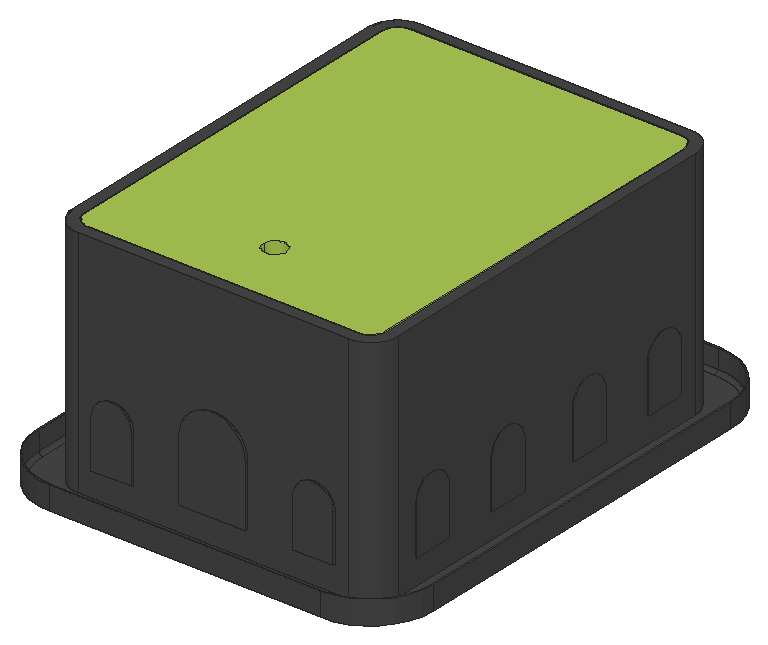
Revit family "VB Series Valves Boxes -  Standard Valve Box", category Acessórios do tubo, Revit 2020
Family settings
  Cota do conector redondo = Utilizar diâmetro
  Tipo de parte = Normal
  Número OmniClass = 23.60.00.00
  Título OmniClass = General Purpose: Services
  Com base no plano de trabalho = Não
  Sempre na vertical = Sim
  Corte com vazios quando carregada = Não
  Compartilhado = Não
Parameters (values of type "Standard Valve Box")
  x = 7 cm
  Door 9 [instance] = yes
  Door 8 [instance] = yes
  Door 7 [instance] = yes
  Door 6 [instance] = yes
  Door 5 [instance] = yes
  Door 4 [instance] = yes
  Door 3 [instance] = yes
  Door 2 [instance] = yes
  Door 14 [instance] = yes
  Door 13 [instance] = yes
  Door 12 [instance] = yes
  Door 11 [instance] = yes
  Door 10 [instance] = yes
  Door 1 [instance] = yes
  DDT4 = 0.1 cm
  URL = "https://www.rainbird.com/"
  Width = 42.22 cm
  SupportProjetos: Reviw Date = ""  # constant formula
  SupportProjetos: Reviw = "R00"  # constant formula
  SupportProjetos: Level of Detail = "LOD300"  # constant formula
  SupportProjetos: Developed = "MICHEL SOARES MOTA"  # constant formula
  SupportProjetos: Creation Date = "05/09/2020"  # constant formula
  RainBird: Product Link = "https://www.rainbird.com/"
  RainBird: Description = "VB Series Valves Boxes - Standard Valve Box"
  RainBird: Comment = ""
  RainBird: Code = "A11403"  # constant formula
  R = 3.5 cm
  Plastic 2 = Green 2
  Plastic 1 = Black
  Open/Close Box [instance] = yes
  Modelo = "VBSTDB"
  Height = 30.5 cm
  Elevação padrão = 0 cm
  Descrição = RainBird: Description  # "VB Series Valves Boxes - Standard Valve Box"
  DDT8 = 3 cm
  DDT7 = 4 cm
  DDT6 = 1.5 cm
  DDT5 = 2 cm
  DDT3 = Length / 2  # 27.7 cm
  DDT2 = Width / 2  # 21.11 cm
  DDT1 = 0.1 cm
  Length = 55.4 cm
Reference planes (cm)
  plane 1 "Centro (Frente/Trás)": y = 0
  plane 2: z = 0
  plane 3 "Centro (Esquerda/Direita)": x = 0
Forms (cm)
  Sweep 1, solid, material "Black" <- "Plastic 1"
    path origin (0, 0, 0) x (1, 0, 0) y (0, 1, 0)
      loop
        arc (-17.61, 27.7) -> (-20.0849, 26.6749) -> (-21.11, 24.2) r 3.5
        line (-21.11, 24.2) -> (-21.11, -24.2)
        arc (-21.11, -24.2) -> (-20.0849, -26.6749) -> (-17.61, -27.7) r 3.5
        line (-17.61, -27.7) -> (17.61, -27.7)
        arc (17.61, -27.7) -> (20.0849, -26.6749) -> (21.11, -24.2) r 3.5
        line (21.11, -24.2) -> (21.11, 24.2)
        arc (21.11, 24.2) -> (20.0849, 26.6749) -> (17.61, 27.7) r 3.5
        line (17.61, 27.7) -> (-17.61, 27.7)
    profile origin (0, 27.7, 0) x (0, 1, 0) y (0, 0, 1)
      loop
        line (4.7, -30.5) -> (4.7, -27.4) -> (4.6, -27.4) -> (4.6, -29.9)
        arc (4.6, -29.9) -> (4.4536, -30.2536) -> (4.1, -30.4) r 0.5
        line (4.1, -30.4) -> (0.1, -30.4) -> (0.1, 0) -> (-1.4, 0) -> (-1.4, -0.1) -> (0, -0.1) -> (0, -30.5) -> (4.7, -30.5)
  Extrusion 2, solid, material "Green 2" <- "Plastic 2", visible <- "Open/Close Box"
    sketch origin (0, 0, 0) x (1, 0, 0) y (0, 1, 0)
      loop
        arc (-19.61, -24.106) -> (-18.9967, -25.5867) -> (-17.516, -26.2) r 2.094
        line (-17.516, -26.2) -> (17.5998, -26.2)
        arc (17.5998, -26.2) -> (19.0212, -25.6112) -> (19.61, -24.1898) r 2.0102
        line (19.61, -24.1898) -> (19.61, 24.1039)
        arc (19.61, 24.1039) -> (18.9961, 25.5861) -> (17.5139, 26.2) r 2.0961
        line (17.5139, 26.2) -> (-17.4824, 26.2)
        arc (-17.4824, 26.2) -> (-18.9868, 25.5768) -> (-19.61, 24.0724) r 2.1276
        line (-19.61, 24.0724) -> (-19.61, -24.106)
    from -2 to 0
  Extrusion 3, void
    sketch origin (0.1435, 0, -2) x (1, 0, 0) y (0, 0, 1)
      loop
        line (-4.5, -24.9953) -> (4.213, -24.9953) -> (4.213, -16.9953)
        arc (4.213, -16.9953) -> (-0.1435, -12.6388) -> (-4.5, -16.9953) r 4.3565
        line (-4.5, -16.9953) -> (-4.5, -24.9953)
    from -30.3996 to 30.0568
  Extrusion 4, void
    sketch origin (-0.0323, -4.1371, 0) x (1, 0, 0) y (0, 1, 0)
      loop
        circle (0, -13.6318) r 1.5
    from -2 to 0
  Extrusion 5, void
    sketch origin (12.6435, 0, -2) x (1, 0, 0) y (0, 0, 1)
      loop
        line (-2.1435, -24.9953) -> (3.1274, -24.9953) -> (3.1274, -18.778)
        arc (3.1274, -18.778) -> (0.4919, -16.1425) -> (-2.1435, -18.778) r 2.6354
        line (-2.1435, -18.778) -> (-2.1435, -24.9953)
    from -30.3996 to 30.0568
  Extrusion 6, void
    sketch origin (-12.6435, 0, -2) x (-1, 0, 0) y (0, 0, -1)
      loop
        line (-2.1435, 24.9953) -> (-2.1435, 18.778)
        arc (-2.1435, 18.778) -> (0.4919, 16.1425) -> (3.1274, 18.778) r 2.6354
        line (3.1274, 18.778) -> (3.1274, 24.9953) -> (-2.1435, 24.9953)
    from -29.7008 to 30.0568
  Extrusion 7, void
    sketch origin (12.9396, -19.3565, -2) x (0, 1, 0) y (0, 0, 1)
      loop
        line (-2.1435, -24.9953) -> (3.1274, -24.9953) -> (3.1274, -18.778)
        arc (3.1274, -18.778) -> (0.4919, -16.1425) -> (-2.1435, -18.778) r 2.6354
        line (-2.1435, -18.778) -> (-2.1435, -24.9953)
    from -36.4435 to 10.0061
  Extrusion 8, void
    sketch origin (12.9396, -7.1065, -2) x (0, 1, 0) y (0, 0, 1)
      loop
        line (-2.1435, -24.9953) -> (3.1274, -24.9953) -> (3.1274, -18.778)
        arc (3.1274, -18.778) -> (0.4919, -16.1425) -> (-2.1435, -18.778) r 2.6354
        line (-2.1435, -18.778) -> (-2.1435, -24.9953)
    from -36.4435 to 10.0061
  Extrusion 9, void
    sketch origin (12.9396, 19.3565, -2) x (0, -1, 0) y (0, 0, -1)
      loop
        line (-2.1435, 24.9953) -> (-2.1435, 18.778)
        arc (-2.1435, 18.778) -> (0.4919, 16.1425) -> (3.1274, 18.778) r 2.6354
        line (3.1274, 18.778) -> (3.1274, 24.9953) -> (-2.1435, 24.9953)
    from -36.4435 to 10.0061
  Extrusion 10, void
    sketch origin (12.9396, 7.1065, -2) x (0, -1, 0) y (0, 0, -1)
      loop
        line (-2.1435, 24.9953) -> (-2.1435, 18.778)
        arc (-2.1435, 18.778) -> (0.4919, 16.1425) -> (3.1274, 18.778) r 2.6354
        line (3.1274, 18.778) -> (3.1274, 24.9953) -> (-2.1435, 24.9953)
    from -36.4435 to 10.0061
  Extrusion 11, solid, material "Black" <- "Plastic 1", visible <- "Door 1"
    sketch origin (0, 0, 1.5) x (1, 0, 0) y (0, 0, 1)
      loop
        line (-15.7708, -28.4953) -> (-10.5, -28.4953) -> (-10.5, -22.278)
        arc (-10.5, -22.278) -> (-13.1354, -19.6425) -> (-15.7708, -22.278) r 2.6354
        line (-15.7708, -22.278) -> (-15.7708, -28.4953)
    from 27.7 to 28.0358
  Extrusion 12, solid, material "Black" <- "Plastic 1", visible <- "Door 3"
    sketch origin (26.2708, 0, 1.5) x (1, 0, 0) y (0, 0, 1)
      loop
        line (-15.7708, -28.4953) -> (-10.5, -28.4953) -> (-10.5, -22.278)
        arc (-10.5, -22.278) -> (-13.1354, -19.6425) -> (-15.7708, -22.278) r 2.6354
        line (-15.7708, -22.278) -> (-15.7708, -28.4953)
    from 27.7 to 28.0358
  Extrusion 13, solid, material "Black" <- "Plastic 1", visible <- "Door 10"
    sketch origin (0, 0, 1.5) x (1, 0, 0) y (0, 0, -1)
      loop
        line (-15.7708, 28.4953) -> (-15.7708, 22.278)
        arc (-15.7708, 22.278) -> (-13.1354, 19.6425) -> (-10.5, 22.278) r 2.6354
        line (-10.5, 22.278) -> (-10.5, 28.4953) -> (-15.7708, 28.4953)
    from 27.7 to 28.0358
  Extrusion 14, solid, material "Black" <- "Plastic 1", visible <- "Door 8"
    sketch origin (26.2708, 0, 1.5) x (1, 0, 0) y (0, 0, -1)
      loop
        line (-15.7708, 28.4953) -> (-15.7708, 22.278)
        arc (-15.7708, 22.278) -> (-13.1354, 19.6425) -> (-10.5, 22.278) r 2.6354
        line (-10.5, 22.278) -> (-10.5, 28.4953) -> (-15.7708, 28.4953)
    from 27.7 to 28.0358
  Extrusion 15, solid, material "Black" <- "Plastic 1", visible <- "Door 2"
    sketch origin (0, 0, 1.5) x (1, 0, 0) y (0, 0, 1)
      loop
        arc (4.3565, -20.4953) -> (0, -16.1388) -> (-4.3565, -20.4953) r 4.3565
        line (-4.3565, -20.4953) -> (-4.3565, -28.4953) -> (4.3565, -28.4953) -> (4.3565, -20.4953)
    from 27.7 to 28.0358
  Extrusion 16, solid, material "Black" <- "Plastic 1", visible <- "Door 9"
    sketch origin (0, 0, 1.5) x (1, 0, 0) y (0, 0, -1)
      loop
        line (4.3565, 20.4953) -> (4.3565, 28.4953) -> (-4.3565, 28.4953) -> (-4.3565, 20.4953)
        arc (-4.3565, 20.4953) -> (0, 16.1388) -> (4.3565, 20.4953) r 4.3565
    from 27.7 to 28.0358
  Extrusion 17, solid, material "Black" <- "Plastic 1", visible <- "Door 7"
    sketch origin (-6.59, 32, 1.5) x (0, 1, 0) y (0, 0, 1)
      loop
        line (-15.7708, -28.4953) -> (-10.5, -28.4953) -> (-10.5, -22.278)
        arc (-10.5, -22.278) -> (-13.1354, -19.6425) -> (-15.7708, -22.278) r 2.6354
        line (-15.7708, -22.278) -> (-15.7708, -28.4953)
    from 27.7 to 28.0358
  Extrusion 18, solid, material "Black" <- "Plastic 1", visible <- "Door 6"
    sketch origin (-6.59, 19.75, 1.5) x (0, 1, 0) y (0, 0, 1)
      loop
        line (-15.7708, -28.4953) -> (-10.5, -28.4953) -> (-10.5, -22.278)
        arc (-10.5, -22.278) -> (-13.1354, -19.6425) -> (-15.7708, -22.278) r 2.6354
        line (-15.7708, -22.278) -> (-15.7708, -28.4953)
    from 27.7 to 28.0358
  Extrusion 19, solid, material "Black" <- "Plastic 1", visible <- "Door 5"
    sketch origin (-6.59, 6.5208, 1.5) x (0, 1, 0) y (0, 0, 1)
      loop
        line (-15.7708, -28.4953) -> (-10.5, -28.4953) -> (-10.5, -22.278)
        arc (-10.5, -22.278) -> (-13.1354, -19.6425) -> (-15.7708, -22.278) r 2.6354
        line (-15.7708, -22.278) -> (-15.7708, -28.4953)
    from 27.7 to 28.0358
  Extrusion 20, solid, material "Black" <- "Plastic 1", visible <- "Door 4"
    sketch origin (-6.59, -5.7292, 1.5) x (0, 1, 0) y (0, 0, 1)
      loop
        line (-15.7708, -28.4953) -> (-10.5, -28.4953) -> (-10.5, -22.278)
        arc (-10.5, -22.278) -> (-13.1354, -19.6425) -> (-15.7708, -22.278) r 2.6354
        line (-15.7708, -22.278) -> (-15.7708, -28.4953)
    from 27.7 to 28.0358
  Extrusion 21, solid, material "Black" <- "Plastic 1", visible <- "Door 11"
    sketch origin (6.59, 32, 1.5) x (0, 1, 0) y (0, 0, -1)
      loop
        line (-15.7708, 28.4953) -> (-15.7708, 22.278)
        arc (-15.7708, 22.278) -> (-13.1354, 19.6425) -> (-10.5, 22.278) r 2.6354
        line (-10.5, 22.278) -> (-10.5, 28.4953) -> (-15.7708, 28.4953)
    from 27.7 to 28.0358
  Extrusion 22, solid, material "Black" <- "Plastic 1", visible <- "Door 12"
    sketch origin (6.59, 19.75, 1.5) x (0, 1, 0) y (0, 0, -1)
      loop
        line (-15.7708, 28.4953) -> (-15.7708, 22.278)
        arc (-15.7708, 22.278) -> (-13.1354, 19.6425) -> (-10.5, 22.278) r 2.6354
        line (-10.5, 22.278) -> (-10.5, 28.4953) -> (-15.7708, 28.4953)
    from 27.7 to 28.0358
  Extrusion 23, solid, material "Black" <- "Plastic 1", visible <- "Door 13"
    sketch origin (6.59, 6.5208, 1.5) x (0, 1, 0) y (0, 0, -1)
      loop
        line (-15.7708, 28.4953) -> (-15.7708, 22.278)
        arc (-15.7708, 22.278) -> (-13.1354, 19.6425) -> (-10.5, 22.278) r 2.6354
        line (-10.5, 22.278) -> (-10.5, 28.4953) -> (-15.7708, 28.4953)
    from 27.7 to 28.0358
  Extrusion 24, solid, material "Black" <- "Plastic 1", visible <- "Door 14"
    sketch origin (6.59, -5.7292, 1.5) x (0, 1, 0) y (0, 0, -1)
      loop
        line (-15.7708, 28.4953) -> (-15.7708, 22.278)
        arc (-15.7708, 22.278) -> (-13.1354, 19.6425) -> (-10.5, 22.278) r 2.6354
        line (-10.5, 22.278) -> (-10.5, 28.4953) -> (-15.7708, 28.4953)
    from 27.7 to 28.0358
Cuts and joins
  Extrusion 3, Extrusion 5, Extrusion 6, Extrusion 7, Extrusion 8, Extrusion 9, Extrusion 10 cuts Sweep 1
  Extrusion 4 cuts Extrusion 2
Dimensions and locks (cm)
  equal spacing: Sweep 1 sketch curve, plane 3 "Centro (Esquerda/Direita)", Sweep 1 sketch curve
  equal spacing: Sweep 1 sketch curve, plane 1 "Centro (Frente/Trás)", Sweep 1 sketch curve
  "Length": Sweep 1 sketch curve to Sweep 1 sketch curve
  "Width": Sweep 1 sketch curve to Sweep 1 sketch curve
  "DDT3": plane 1 "Centro (Frente/Trás)" to Sweep 1 sketch curve
  "Height": level to Sweep 1 sketch curve
  "DDT5": level to Extrusion 2
  "DDT6": Sweep 1 sketch curve to Sweep 1 sketch curve
  "DDT1": Sweep 1 sketch curve to Sweep 1 sketch curve  (x4)
  "DDT4": Sweep 1 to Extrusion 2 sketch curve
  "DDT4": Extrusion 2 sketch curve to Sweep 1  (x3)
  "DDT8": Sweep 1 sketch curve to Sweep 1 sketch curve
  "DDT7": Sweep 1 sketch curve to Sweep 1 sketch curve
  cut or joined group of Extrusion 2, Extrusion 4 to cut or joined group of Extrusion 2, Extrusion 4 = 39.22 cm
  cut or joined group of Extrusion 2, Extrusion 4 to cut or joined group of Extrusion 2, Extrusion 4 = 52.4 cm
  "R": radius of Sweep 1 sketch curve  (x4)
  aligned and locked: level to plane 2
  aligned and locked: level to Extrusion 2
  aligned and locked: Extrusion 2 to Extrusion 4  (x2)
Automatic sketch dimensions
  Extrusion 2 sketch curve to Extrusion 2 sketch curve = 2.094 cm
  Extrusion 2 sketch curve to Extrusion 2 sketch curve = 2.1276 cm
  Extrusion 2 sketch curve to Extrusion 2 sketch curve = 2.0961 cm
  Extrusion 2 sketch curve to Extrusion 2 sketch curve = 2.0102 cm
  Extrusion 3 sketch curve to plane 3 "Centro (Esquerda/Direita)" = 0 cm
  Extrusion 3 sketch curve to plane 3 "Centro (Esquerda/Direita)" = 4.3565 cm
  Extrusion 3 sketch curve to level = 26.9953 cm
  Extrusion 3 sketch curve to Extrusion 3 sketch curve = 8 cm
  Extrusion 4 sketch curve to plane 3 "Centro (Esquerda/Direita)" = 0.0323 cm
  plane 1 "Centro (Frente/Trás)" to Extrusion 4 sketch curve = 17.7689 cm
  plane 3 "Centro (Esquerda/Direita)" to Extrusion 5 sketch curve = 10.5 cm
  Extrusion 5 sketch curve to Extrusion 5 sketch curve = 2.6354 cm
  Extrusion 5 sketch curve to level = 26.9953 cm
  Extrusion 5 sketch curve to Extrusion 5 sketch curve = 6.2174 cm
  plane 3 "Centro (Esquerda/Direita)" to Extrusion 6 sketch curve = 10.5 cm
  Extrusion 6 sketch curve to Extrusion 6 sketch curve = 2.6354 cm
  level to Extrusion 6 sketch curve = 26.9953 cm
  Extrusion 6 sketch curve to Extrusion 6 sketch curve = 6.2174 cm
  plane 1 "Centro (Frente/Trás)" to Extrusion 7 sketch curve = 21.5 cm
  Extrusion 7 sketch curve to Extrusion 7 sketch curve = 2.6354 cm
  Extrusion 7 sketch curve to level = 26.9953 cm
  Extrusion 7 sketch curve to Extrusion 7 sketch curve = 6.2174 cm
  plane 1 "Centro (Frente/Trás)" to Extrusion 8 sketch curve = 9.25 cm
  Extrusion 8 sketch curve to Extrusion 8 sketch curve = 2.6354 cm
  Extrusion 8 sketch curve to level = 26.9953 cm
  Extrusion 8 sketch curve to Extrusion 8 sketch curve = 6.2174 cm
  Extrusion 9 sketch curve to plane 1 "Centro (Frente/Trás)" = 21.5 cm
  Extrusion 9 sketch curve to Extrusion 9 sketch curve = 2.6354 cm
  Extrusion 9 sketch curve to level = 20.778 cm
  Extrusion 9 sketch curve to Extrusion 9 sketch curve = 6.2174 cm
  Extrusion 10 sketch curve to plane 1 "Centro (Frente/Trás)" = 9.25 cm
  Extrusion 10 sketch curve to Extrusion 10 sketch curve = 2.6354 cm
  Extrusion 10 sketch curve to level = 20.778 cm
  Extrusion 10 sketch curve to Extrusion 10 sketch curve = 6.2174 cm
  Extrusion 11 sketch curve to plane 3 "Centro (Esquerda/Direita)" = 15.7708 cm
  Extrusion 11 sketch curve to Extrusion 11 sketch curve = 2.6354 cm
  Extrusion 11 sketch curve to level = 26.9953 cm
  Extrusion 11 sketch curve to Extrusion 11 sketch curve = 6.2174 cm
  plane 3 "Centro (Esquerda/Direita)" to Extrusion 12 sketch curve = 10.5 cm
  Extrusion 12 sketch curve to Extrusion 12 sketch curve = 2.6354 cm
  Extrusion 12 sketch curve to level = 26.9953 cm
  Extrusion 12 sketch curve to Extrusion 12 sketch curve = 6.2174 cm
  Extrusion 13 sketch curve to plane 3 "Centro (Esquerda/Direita)" = 15.7708 cm
  Extrusion 13 sketch curve to Extrusion 13 sketch curve = 2.6354 cm
  Extrusion 13 sketch curve to level = 20.778 cm
  Extrusion 13 sketch curve to Extrusion 13 sketch curve = 6.2174 cm
  plane 3 "Centro (Esquerda/Direita)" to Extrusion 14 sketch curve = 10.5 cm
  Extrusion 14 sketch curve to Extrusion 14 sketch curve = 2.6354 cm
  Extrusion 14 sketch curve to level = 20.778 cm
  Extrusion 14 sketch curve to Extrusion 14 sketch curve = 6.2174 cm
  Extrusion 15 sketch curve to plane 3 "Centro (Esquerda/Direita)" = 0 cm
  Extrusion 15 sketch curve to plane 3 "Centro (Esquerda/Direita)" = 4.3565 cm
  Extrusion 15 sketch curve to level = 26.9953 cm
  Extrusion 15 sketch curve to Extrusion 15 sketch curve = 8 cm
  Extrusion 16 sketch curve to plane 3 "Centro (Esquerda/Direita)" = 0 cm
  Extrusion 16 sketch curve to plane 3 "Centro (Esquerda/Direita)" = 4.3565 cm
  Extrusion 16 sketch curve to level = 18.9953 cm
  Extrusion 16 sketch curve to Extrusion 16 sketch curve = 8 cm
  Extrusion 17 sketch curve to plane 1 "Centro (Frente/Trás)" = 16.2292 cm
  Extrusion 17 sketch curve to Extrusion 17 sketch curve = 2.6354 cm
  Extrusion 17 sketch curve to level = 26.9953 cm
  Extrusion 17 sketch curve to Extrusion 17 sketch curve = 6.2174 cm
  Extrusion 18 sketch curve to plane 1 "Centro (Frente/Trás)" = 3.9792 cm
  Extrusion 18 sketch curve to Extrusion 18 sketch curve = 2.6354 cm
  Extrusion 18 sketch curve to level = 26.9953 cm
  Extrusion 18 sketch curve to Extrusion 18 sketch curve = 6.2174 cm
  plane 1 "Centro (Frente/Trás)" to Extrusion 19 sketch curve = 9.25 cm
  Extrusion 19 sketch curve to Extrusion 19 sketch curve = 2.6354 cm
  Extrusion 19 sketch curve to level = 26.9953 cm
  Extrusion 19 sketch curve to Extrusion 19 sketch curve = 6.2174 cm
  plane 1 "Centro (Frente/Trás)" to Extrusion 20 sketch curve = 21.5 cm
  Extrusion 20 sketch curve to Extrusion 20 sketch curve = 2.6354 cm
  Extrusion 20 sketch curve to level = 26.9953 cm
  Extrusion 20 sketch curve to Extrusion 20 sketch curve = 6.2174 cm
  Extrusion 21 sketch curve to plane 1 "Centro (Frente/Trás)" = 16.2292 cm
  Extrusion 21 sketch curve to Extrusion 21 sketch curve = 2.6354 cm
  Extrusion 21 sketch curve to level = 20.778 cm
  Extrusion 21 sketch curve to Extrusion 21 sketch curve = 6.2174 cm
  Extrusion 22 sketch curve to plane 1 "Centro (Frente/Trás)" = 3.9792 cm
  Extrusion 22 sketch curve to Extrusion 22 sketch curve = 2.6354 cm
  Extrusion 22 sketch curve to level = 20.778 cm
  Extrusion 22 sketch curve to Extrusion 22 sketch curve = 6.2174 cm
  plane 1 "Centro (Frente/Trás)" to Extrusion 23 sketch curve = 9.25 cm
  Extrusion 23 sketch curve to Extrusion 23 sketch curve = 2.6354 cm
  Extrusion 23 sketch curve to level = 20.778 cm
  Extrusion 23 sketch curve to Extrusion 23 sketch curve = 6.2174 cm
  plane 1 "Centro (Frente/Trás)" to Extrusion 24 sketch curve = 21.5 cm
  Extrusion 24 sketch curve to Extrusion 24 sketch curve = 2.6354 cm
  Extrusion 24 sketch curve to level = 20.778 cm
  Extrusion 24 sketch curve to Extrusion 24 sketch curve = 6.2174 cm
  Sweep 1 sketch curve to profile plane = 0 cm
  Sweep 1 sketch curve to Sweep 1 sketch curve = 0.5 cm
  radius of Extrusion 4 sketch curve = 1.5 cm
